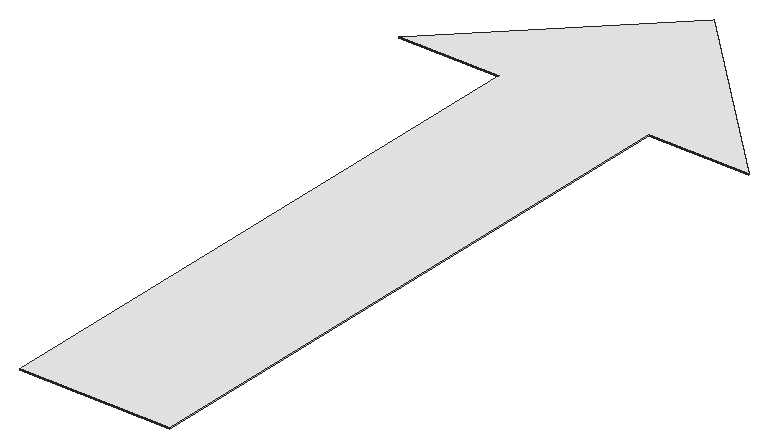
Revit family "M_Setas de direção - Reto", category Terreno, Revit 2019
Family settings
  Cota do conector redondo = Utilizar diâmetro
  Tipo de parte = Normal
  ID de item do Seek = Direction Arrows - Straight-0000-CAN-ENU
  Com base no plano de trabalho = Não
  Sempre na vertical = Não
  Corte com vazios quando carregada = Não
  Compartilhado = Não
Reference planes
  plane 1 "Centro (Frente/Trás)": y = 0
  plane 2: z = 0
  plane 3 "Centro (Esquerda/Direita)": x = 0
Forms (mm)
  Extrusion 1, solid, material "Pintura - Branco"
    sketch origin (0, 0, 0) x (1, 0, 0) y (0, 1, 0)
      loop
        line (-355.6, 1219.2) -> (-152.4, 1219.2) -> (-152.4, 0) -> (152.4, 0) -> (152.4, 1219.2) -> (355.6, 1219.2) -> (0, 1574.8) -> (-355.6, 1219.2)
    from 0 to 1.587
